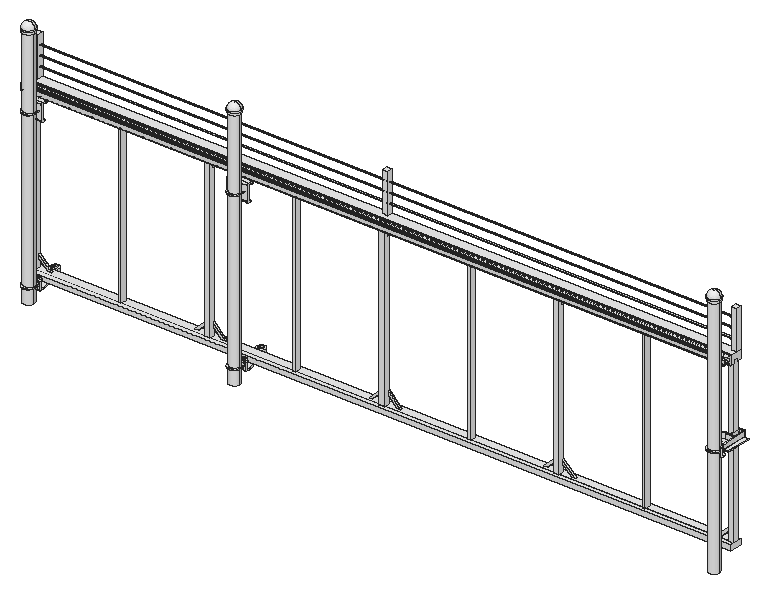
Revit family "Site-Fencing-Tymetal_Corp-Heavy_Duty_Cantilever_Slide_Gate-Chain_Link", category Site, Revit 2015
Parameters (values of type "Standard")
  URL = "http://www.tymetal.com/"
  Single Gate Clearances = if(Clear Opening < 12' 0", 12' 0", if(Clear Opening > 30' 0", 30' 0", Clear Opening))  # 15' - 0"
  Proposed Fence Location [instance] = yes
  Product data url = "https://bimobject.com/tymetal/product/tymetal-fortress-heavy-duty"
  Product Page URL = "http://www.tymetal.com/industrial-commercial/cantilever-gates/fortress-heavy-duty/"
  Product Documentation Link = "http://www.tymetal.com/wp-content/uploads/2013/04/Tymetal-Fortress-Heavy-Duty-Cantilever-Slide-Gate.pdf"
  Post Spacing = (Clear Opening / 2) - 0' 11"  # 6' - 7"
  Panel Height = 0' - 0"
  Options = "Barb Arms are Optional; Barb Wires by Others"  # constant formula
  Inner Post Width = 0' - 2"  # constant formula
  Post Space Distance = (Clear Opening / 2) - 0' 11"  # 6' - 7"
  Post Radius = Post Diameter / 2  # 0' - 2"
  Post Height = if(Barb Arms and Wires, Height + Barb Height + 0' 6", Height + 0' 6")  # 7' - 9"
  Post Diameter = 0' - 4"
  Panel Length = ((Length - (Frame Width * 2) - (Inner Post Width * Inner Post Count)) / Panel Count)  # 5' - 5"
  Panel Count = if(and(Clear Opening > 12' 0", Clear Opening < 17' 0"), 4, if(and(Clear Opening > 18' 0", Clear Opening < 23' 0"), 5, if(and(Clear Opening > 24' 0", Clear Opening < 30' 0"), 6, 6)))  # 4
  Barb Height = 1' - 3"
  Notes = "Single Clear Opening up to 30' and Double Clear Openings up to 60'"  # constant formula
  Mount Clamp Extension from Gate = 0' - 2"
  Model = "Chain Link"  # constant formula
  Manufacturer = "Tymetal Corp."  # constant formula
  Length = Single Gate Clearances * 1.5  # 22' - 6"
  Inner Post Count = Panel Count - 1  # 3
  Height = 6' - 0"
  Hardware Finish = Metal - Tymetal - Aluminum
  Gate Opening (Max) = "37 ft"  # constant formula
  Gate Height Clearances = if(Height < 3' 0", 3' 0", if(Height > 8' 0", 8' 0", Height))  # 6' - 0"
  Gate Documentation Link = "http://www.tymetal.com/wp-content/uploads/2013/05/Tymetal-Fortress-Heavy-Duty-Cantilever-Slide-Gate.pdf"
  Frame Width = 0' - 2"
  Finish Note = "For additional powder coat color options, please contact Tymetal"  # constant formula
  Finish = Metal - Tymetal - Aluminum
  Fence Offset from Grade = 0' - 5"
  Description = "Fortress Heavy Duty Cantilever Slide Gate with Chain Link Fencing"  # constant formula
  Clear Opening = 15' - 0"
  Catch Assembly Height Above Grade = 3' - 6"
  Bottom Guide Cover = no
  Barb Arms and Wires = yes
  Assembly Code = "G2040100"
Reference planes (in)
  plane 1 "Center (Front/Back)": y = 0
  plane 2 "Bottom": z = 0
  plane 3 "Center (Left/Right)": x = 0
  plane 4 "Left": x = -135
  plane 5 "Right": x = 135
  plane 6 "Top": z = 72
  plane 7 "Opening Left": x = -49
  plane 8: x = -53
  plane 9: x = 131
  plane 10: y = 7.875
  plane 11: z = 5
  plane 12: z = 87
  plane 13 "Center (Elevation)": z = 36
  plane 14: x = -130
  plane 15: y = 0
  plane 16: x = -51
  plane 17: x = -51
  plane 18: x = 130.5
  plane 19: x = -130.5
  plane 20: y = 20.375
  plane 21: x = -133
  plane 22: x = 133
  plane 23: z = 65.5625
Forms (in)
  Extrusion 1, solid, material "Metal - Tymetal - Chain Link"
    sketch origin (0, 0, 0) x (0, 1, 0) y (0, 0, 1)
      loop
        line (6.875, 70) -> (6.84375, 70) -> (6.84375, 7) -> (6.875, 7) -> (6.875, 70)
    from -133 to 133
Dimensions and locks (in)
  equal spacing: plane 4 "Left", plane 3 "Center (Left/Right)", plane 5 "Right"
  "Length": plane 4 "Left" to plane 5 "Right"
  "Gate Height Clearances": plane 6 "Top" to plane 2 "Bottom"
  "Post Diameter": plane 8 to plane 7 "Opening Left"
  plane 9 to plane 5 "Right" = 0' - 4"
  locked: plane 1 "Center (Front/Back)" to plane 10 at 7.875
  "Fence Offset from Grade": plane 11 to level
  equal spacing: plane 6 "Top", plane 13 "Center (Elevation)", plane 2 "Bottom"
  "Single Gate Clearances": plane 7 "Opening Left" to plane 9
  group 2 to group 1 = 6' - 7"
  group 2 to group 1 = 0' - 0"
  group 1 to group 2 = 0' - 0"
  "Post Space Distance": nested 4 to nested 1
  locked: plane 11 to nested 5 at 0.375
  "Catch Assembly Height Above Grade": level to nested 7
  equal spacing: plane 8, plane 17, plane 7 "Opening Left"
  locked: plane 18 to plane 5 "Right" at 4.5
  locked: plane 4 "Left" to plane 19 at 4.5
  equal spacing: group 4, group 6, group 5, group 3
  equal spacing: group 3, group 5, group 6, group 4  (x2)
  locked: plane 15 to plane 20 at 20.375
  equal spacing: group 8, group 9, group 7
  equal spacing: group 7, group 9, group 8  (x2)
  "Frame Width": plane 21 to plane 4 "Left"
  "Frame Width": plane 5 "Right" to plane 22
  "Panel Length": plane 22 to nested 15
  "Panel Length": nested 16 to plane 21
  locked: Extrusion 1 sketch curve to Extrusion 1 sketch curve at 0.03125
  locked: plane 15 to nested 14 at 4
  "Barb Height": plane 12 to plane 6 "Top"
  locked: plane 6 "Top" to plane 23 at 6.4375
  aligned and locked: plane 1 "Center (Front/Back)" to nested 2
  aligned and locked: plane 8 to nested 1
  aligned and locked: plane 9 to nested 2
  aligned and locked: plane 4 "Left" to nested 3
  aligned and locked: nested 3 to plane 10
  aligned and locked: nested 4 to plane 1 "Center (Front/Back)"
  aligned and locked: nested 1 to level
  aligned and locked: nested 4 to level
  aligned and locked: nested 2 to level
  aligned and locked: nested 1 to nested 8
  aligned and locked: plane 1 "Center (Front/Back)" to nested 8
  aligned and locked: nested 4 to nested 9
  aligned and locked: plane 1 "Center (Front/Back)" to nested 9
  aligned and locked: plane 1 "Center (Front/Back)" to nested 5
  aligned and locked: nested 4 to nested 6
  aligned and locked: nested 7 to nested 2
  aligned and locked: nested 5 to nested 1
  aligned and locked: plane 14 to nested 4
  aligned and locked: plane 15 to nested 4
  aligned and locked: nested 14 to plane 17
  aligned and locked: plane 21 to nested 11
  aligned and locked: plane 22 to nested 10
  aligned and locked: nested 15 to plane 10
  aligned and locked: nested 16 to plane 10
  aligned and locked: nested 16 to nested 11
  aligned and locked: nested 15 to nested 10
  aligned and locked: nested 3 to Extrusion 1 sketch curve  (x2)
  aligned and locked: Extrusion 1 sketch curve to nested 3
  aligned and locked: Extrusion 1 to plane 21
  aligned and locked: plane 22 to Extrusion 1
  aligned and locked: level to nested 3
  aligned and locked: level to plane 2 "Bottom"
  aligned and locked: plane 23 to nested 6
  aligned and locked: plane 23 to nested 8
Nested families (in)
  nested 1: "Fence - Post" at (-51, 0, 0), type "Fence - Post"
    with Post Height 7' - 9"
  nested 2: "Fence - Post" at (133, 0, 0), type "Fence - Post"
    with Post Height 7' - 9"
  nested 3: "Fence - Frame Chain Link" at (-86, 7.875, 0), type "Fence - Frame Chain Link"
    with Drive Chain-Outside no
  nested 4: "Fence - Post" at (-130, 0, 0), type "Fence - Post"
    with Post Height 7' - 9"
  nested 5: "Fence - Bottom Guide" at (-51, 0, 5.75), type "Fence - Bottom Guide"
    with Guide Cover no
  nested 6: "Fence - Hanger with Track" at (-130, 0, 65.5625), type "Fence - Hanger with Track"
    with Post Attachment Extension 0' - 2"
  nested 7: "Fence - Catch Assembly" at (133, 0, 42), type "Fence - Catch Assembly"
  nested 8: "Fence - Hanger with Track" at (-51, 0, 65.5625), type "Fence - Hanger with Track"
    with Post Attachment Extension 0' - 2"
  nested 9: "Fence - Bottom Guide" at (-130, 0, 5.75), type "Fence - Bottom Guide"
    with Guide Cover no
  nested 10: "Fence - Chain Link Panel" at (104, 8.875, 0), type "Panel"
    with Panel Length 5' - 5"
  nested 11: "Fence - Chain Link Panel" at (-97, 8.875, 0), type "Panel"
    with Panel Length 5' - 5"
  nested 12: "Fence - Chain Link Panel" at (37, 8.875, 0), type "Panel"
    with Panel Length 5' - 5"
  nested 13: "Fence - Chain Link Panel" at (-30, 8.875, 0), type "Panel"
    with Panel Length 5' - 5"
  nested 14: "Fence-Chain_Link" at (-102.5, -4, 0) x (-1, 0, 0) z (0, 0, 1), visible <- "Proposed Fence Location", type "Fence-Chain_Link"
    with Length 6' - 7"
  nested 15: "Fence - 2x2" at (67, 7.875, 0), type "Fence - 2x2"
  nested 16: "Fence - 2x2" at (-67, 7.875, 0), type "Fence - 2x2"
  nested 17: "Fence - 2x2" at (0, 7.875, 0), type "Fence - 2x2"
Definition of nested family "Fence - Post"
  Parameters
    Post Radius = Post Diameter / 2  # 0' - 2"
    Post Material = none
    Post Height = 5' - 11 1/2"
    Post Diameter = 0' - 4"
    Cap Radius = Post Radius + 0' 0 1/4"  # 0' - 2 1/4"
  Reference planes (in)
    plane 1 "Center (Front/Back)": y = 0
    plane 2: z = 0
    plane 3 "Center (Left/Right)": x = 0
    plane 4: z = 75
    plane 5 "Post Right": x = 2
    plane 6 "Post Left": x = -2
    plane 7 "Post Front": y = 2
    plane 8 "Post Back": y = -2
    plane 9: z = 71.5
    plane 10: x = -2.25
    plane 11: x = -2.49863
    plane 12: z = 75
  Forms (in)
    Revolve 1, solid, material <- "Post Material", detail levels coarse
      sketch origin (0, 0, 0) x (1, 0, 0) y (0, 0, 1)
        loop
          line (-2, 0) -> (0, 0) -> (0, 75) -> (-2, 75) -> (-2, 0)
        axis (0, 75) -> (0, 0)
      angle from 0 to 360
    Revolve 2, solid, material <- "Post Material", detail levels medium+fine
      sketch origin (0, 0, 2.5) x (1, 0, 0) y (0, 0, 1)
        loop
          line (-2, -2.5) -> (0, -2.5) -> (0, 72.5)
          arc (0, 72.5) -> (-1.59099, 71.84099) -> (-2.25, 70.25) r 2.25
          line (-2.25, 70.25) -> (-2.49863, 70.25) -> (-2.49863, 70) -> (-2.25, 70) -> (-2.25, 69) -> (-2, 69) -> (-2, -2.5)
        axis (0, 72.5) -> (0, -2.5)
      angle from 0 to 360
  Lines and regions (in)
    Masking region 1
      outline origin (0, 0, 0) x (1, 0, 0) y (0, 1, 0)
        loop
          circle (0, 0) r 2
  Dimensions and locks (in)
    "Post Height": plane 9 to plane 2
    "Post Radius": plane 3 "Center (Left/Right)" to Revolve 1 sketch curve
    equal spacing: plane 6 "Post Left", plane 3 "Center (Left/Right)", plane 5 "Post Right"
    "Post Diameter": plane 6 "Post Left" to plane 5 "Post Right"
    "Post Diameter": plane 8 "Post Back" to plane 7 "Post Front"
    equal spacing: plane 8 "Post Back", plane 1 "Center (Front/Back)", plane 7 "Post Front"
    Revolve 2 sketch curve to Revolve 2 sketch curve to Revolve 2 sketch curve = 0' - 0 1/4" locked, 0' - 1" locked
    plane 11 to plane 10 to plane 6 "Post Left" = 0' - 0.24863" locked, 0' - 0 1/4" locked
    "Post Radius": radius of Masking region 1 sketch curve
    aligned and locked: Revolve 1 sketch curve to plane 3 "Center (Left/Right)"  (x2)
    aligned and locked: Revolve 1 sketch curve to level
    aligned and locked: Revolve 2 sketch curve to plane 3 "Center (Left/Right)"  (x2)
    aligned and locked: Revolve 2 sketch curve to level
    aligned and locked: plane 3 "Center (Left/Right)" to Masking region 1 sketch curve
    aligned and locked: plane 1 "Center (Front/Back)" to Masking region 1 sketch curve
    aligned and locked: plane 9 to Revolve 2
    aligned and locked: plane 9 to Revolve 2 sketch curve
    aligned and locked: plane 6 "Post Left" to Revolve 2 sketch curve
    aligned and locked: Revolve 2 sketch curve to plane 10
    aligned and locked: plane 11 to Revolve 2 sketch curve
    aligned and locked: plane 10 to Revolve 2 sketch curve
    aligned and locked: plane 12 to plane 4
    aligned and locked: plane 12 to Revolve 2 sketch curve
  Automatic sketch dimensions
    Revolve 2 sketch curve to Revolve 2 sketch curve = 2' - 0 1/2"
    plane 4 to Revolve 2 sketch curve = 3' - 9.60702"
    Revolve 1 sketch curve to plane 4 = 0' - 0"
    Revolve 1 sketch curve to Revolve 1 sketch curve = 2' - 0"
    Revolve 1 sketch curve to Revolve 1 sketch curve = 3' - 10.10599"
Definition of nested family "Fence - Frame Chain Link"
  Parameters
    Tube Ends Width = 0' - 2"
    Track Outside = no
    Primary Member Width = 0' - 5"
    Frame Height = 6' - 0"
    Frame Width = 0' - 2"
    Frame Material = none
    Frame Length = 22' - 6"
    Frame Height Above Grade = 0' - 5"
    Drive Chain-Outside = yes
    Drive Chain-Inside = no
    Drive Chain Location = 0' - 0"
    Drive Chain Height = 1' - 6"
    Barb Posts = Frame Length / 8' 7 249/256"  # 3
    Barb Arms and Wires = yes
    Barb Arm Height = 1' - 3"
  Reference planes (in)
    plane 1 "Center (Front/Back)": y = 0
    plane 2: z = 0
    plane 3 "Center (Left/Right)": x = 86
    plane 4: x = -49
    plane 5: x = 221
    plane 6: y = -1
    plane 7: y = 1
    plane 8: z = 72
    plane 9: z = 5
    plane 10: y = 2.5
    plane 11: y = -2.5
    plane 12: z = 23
    plane 13: x = -47
    plane 14: y = 2.5
    plane 15: y = 0.5
    plane 16: y = -2.5
    plane 17: y = -0.5
    plane 18: z = 87
    plane 19: z = 75.75
    plane 20: z = 79.5
    plane 21: z = 83.25
    plane 22: x = -48
    plane 23: x = 220
    plane 24: x = 219
    plane 25: y = 1.5
    plane 26: y = 1
    plane 27: y = -1
    plane 28: z = 70
    plane 29: y = 1
    plane 30: y = -1
  Forms (in)
    Extrusion 1, solid, material <- "Frame Material", detail levels coarse
      sketch origin (86, 0, 0) x (0, 1, 0) y (0, 0, 1)
        loop
          line (2.5, 72) -> (-2.5, 72) -> (-2.5, 70) -> (2.5, 70) -> (2.5, 72)
        loop
          line (2.5, 7) -> (-2.5, 7) -> (-2.5, 5) -> (2.5, 5) -> (2.5, 7)
      from -135 to 135
    Sweep 2, solid, material <- "Frame Material", visible <- "Drive Chain-Outside", detail levels medium+fine
      path origin (0, 0, 0) x (1, 0, 0) y (0, 1, 0)
        loop
          line (-48, 1) -> (-48, 1.375)
          arc (-48, 1.375) -> (-47.42818, 2.75551) -> (-46.04767, 3.32733) r 1.95233
          line (-46.04767, 3.32733) -> (218.04767, 3.32733)
          arc (218.04767, 3.32733) -> (219.42818, 2.75551) -> (220, 1.375) r 1.95233
          line (220, 1.375) -> (220, 1)
      profile origin (86, 3.32733, 0) x (0, 1, 0) y (0, 0, 1)
        loop
          line (0, 23) -> (-0.125, 23) -> (-0.125, 22.93085) -> (0, 22.93085) -> (0, 23)
    Extrusion 3, solid, material <- "Frame Material", visible <- "Barb Arms and Wires", detail levels medium+fine
      sketch origin (86, 0, 0) x (0, 1, 0) y (0, 0, 1)
        loop
          circle (1.5, 83.25) r 0.25
        loop
          circle (1.5, 79.5) r 0.25
        loop
          circle (1.5, 75.75) r 0.25
      from -133 to 133
    Extrusion 4, solid, material <- "Frame Material", detail levels medium+fine
      sketch origin (86, 0, 0) x (0, 1, 0) y (0, 0, 1)
        loop
          line (2.5, 72) -> (-2.5, 72) -> (-2.5, 70.156) -> (-2.375, 70.156) -> (-2.375, 69.718) -> (-2.5, 69.718) -> (-2.5, 68.8125) -> (-1, 68.8125) -> (-1, 70) -> (1, 70) -> (1, 68.8125) -> (2.5, 68.8125) -> (2.5, 69.718) -> (2.375, 69.718) -> (2.375, 70.156) -> (2.5, 70.156) -> (2.5, 72)
        loop
          line (2.5, 7) -> (-2.5, 7) -> (-2.5, 5) -> (2.5, 5) -> (2.5, 7)
      from -135 to 135
    Extrusion 5, solid, material <- "Frame Material"
      sketch origin (0, 0, 0) x (1, 0, 0) y (0, 1, 0)
        loop
          line (-49, 1) -> (-49, -1) -> (-47, -1) -> (-47, 1) -> (-49, 1)
        loop
          line (221, 1) -> (219, 1) -> (219, -1) -> (221, -1) -> (221, 1)
      from 7 to 70
    Sweep 6, solid, material <- "Frame Material", visible <- "Drive Chain-Inside", detail levels medium+fine
      path origin (0, 13.5289, 23) x (0, 1, 0) y (-1, 0, 0)
        loop
          line (-14.5289, 48) -> (-14.9039, 48)
          arc (-14.9039, 48) -> (-16.28441, 47.42818) -> (-16.85623, 46.04767) r 1.95233
          line (-16.85623, 46.04767) -> (-16.85623, -218.04767)
          arc (-16.85623, -218.04767) -> (-16.28441, -219.42818) -> (-14.9039, -220) r 1.95233
          line (-14.9039, -220) -> (-14.5289, -220)
      profile origin (86, -3.32733, 23) x (0, 1, 0) y (0, 0, 1)
        loop
          line (0, 0.06915) -> (0, 0) -> (0.125, 0) -> (0.125, 0.06915) -> (0, 0.06915)
  Lines and regions (in)
    Masking region 1
      outline origin (0, 0, 0) x (1, 0, 0) y (0, 1, 0)
        loop
          line (-49, 2.5) -> (-49, -2.5) -> (221, -2.5) -> (221, 2.5) -> (-49, 2.5)
    model lines, visible <- "Barb Arms and Wires", detail levels coarse
      curve 1: line (-48, 1.5, 83.25) -> (220, 1.5, 83.25)
      curve 2: line (-48, 1.5, 79.5) -> (220, 1.5, 79.5)
      curve 3: line (-48, 1.5, 75.75) -> (220, 1.5, 75.75)
  Dimensions and locks (in)
    equal spacing: plane 4, plane 3 "Center (Left/Right)", plane 5
    "Frame Length": plane 4 to plane 5
    equal spacing: plane 7, plane 1 "Center (Front/Back)", plane 6
    "Tube Ends Width": plane 7 to plane 6
    "Frame Height Above Grade": plane 9 to level
    equal spacing: plane 11, plane 1 "Center (Front/Back)", plane 10
    "Primary Member Width": plane 11 to plane 10
    "Drive Chain Height": plane 12 to plane 9
    locked: plane 4 to plane 13 at 2
    plane 10 to plane 14 to plane 15 = 0' - 0" locked, 0' - 2" locked
    plane 17 to plane 16 to plane 11 = 0' - 2", 0' - 0"
    locked: plane 12 to Sweep 2 sketch curve at 0.06915
    locked: profile plane to Sweep 2 sketch curve at 0.125
    "Frame Height": plane 8 to level
    "Barb Arm Height": plane 18 to plane 8
    equal spacing: plane 18, plane 21, plane 20, plane 19, plane 8
    locked: plane 4 to plane 22 at 1
    locked: plane 5 to plane 23 at 1
    locked: plane 5 to plane 24 at 2
    equal spacing: group 1, group 3, group 2  (x3)
    Extrusion 3 sketch curve to plane 21 to Extrusion 3 sketch curve = 0' - 0 1/4" locked, 0' - 0 1/4" locked
    Extrusion 3 sketch curve to plane 20 to Extrusion 3 sketch curve = 0' - 0 1/4" locked, 0' - 0 1/4" locked
    Extrusion 3 sketch curve to plane 19 to Extrusion 3 sketch curve = 0' - 0 1/4" locked, 0' - 0 1/4" locked
    Extrusion 3 sketch curve to Extrusion 3 sketch curve to Extrusion 3 sketch curve to plane 25 = 0' - 0" locked, 0' - 0" locked, 0' - 0 1/4" locked
    locked: plane 25 to plane 14 at 1
    equal spacing: plane 26, plane 1 "Center (Front/Back)", plane 27
    "Tube Ends Width": plane 26 to plane 27
    "Frame Width": plane 8 to plane 28
    locked: plane 8 to Extrusion 4 sketch curve at 3.1875
    "Frame Width": Extrusion 1 sketch curve to plane 8
    locked: Sweep 6 sketch curve to profile plane at 0.06915
    locked: Sweep 6 sketch curve to profile plane at 0.125
    "Drive Chain Location": plane 29 to plane 7
    Sweep 6 sketch curve to Sweep 6 sketch curve to Sweep 6 sketch curve = 0' - 1.95233" locked, 0' - 0" locked
    locked: Sweep 6 sketch curve to Sweep 6 sketch curve at 1.95233  (x2)
    Sweep 2 sketch curve to Sweep 2 sketch curve to Sweep 2 sketch curve = 0' - 1.95233" locked, 0' - 0" locked
    locked: Sweep 2 sketch curve to Sweep 2 sketch curve at 1.95233  (x2)
    "Drive Chain Location": plane 6 to plane 30
    aligned and locked: plane 5 to Extrusion 1
    aligned and locked: Extrusion 1 to plane 4
    aligned and locked: plane 4 to nested 1
    aligned and locked: plane 5 to nested 1
    aligned and locked: plane 8 to nested 1
    aligned and locked: plane 10 to nested 1
    aligned and locked: nested 2 to plane 8
    aligned and locked: plane 11 to nested 2
    aligned and locked: nested 2 to plane 4
    aligned and locked: nested 2 to plane 5
    aligned and locked: Sweep 2 sketch curve to plane 12
    aligned and locked: nested 3 to plane 22
    aligned and locked: plane 23 to nested 4
    aligned and locked: nested 4 to plane 25
    aligned and locked: nested 3 to plane 8
    aligned and locked: plane 8 to nested 4
    aligned and locked: nested 3 to plane 25
    aligned and locked: curve 1 to plane 21
    aligned and locked: curve 2 to plane 20
    aligned and locked: curve 3 to plane 19
    aligned and locked: plane 22 to curve 1
    aligned and locked: plane 22 to curve 2
    aligned and locked: plane 22 to curve 3
    aligned and locked: plane 23 to curve 1
    aligned and locked: plane 23 to curve 2
    aligned and locked: plane 23 to curve 3
    aligned and locked: plane 11 to Extrusion 1
    aligned and locked: Extrusion 1 sketch curve to plane 14
    aligned and locked: plane 16 to Extrusion 1 sketch curve
    aligned and locked: plane 14 to Extrusion 4 sketch curve
    aligned and locked: plane 16 to Extrusion 4 sketch curve
    aligned and locked: plane 8 to Extrusion 4 sketch curve
    aligned and locked: Extrusion 4 sketch curve to plane 26
    aligned and locked: Extrusion 4 sketch curve to plane 27
    aligned and locked: plane 28 to Extrusion 4 sketch curve
    aligned and locked: Extrusion 4 sketch curve to nested 1  (x3)
    aligned and locked: Extrusion 4 sketch curve to nested 2  (x3)
    aligned and locked: Extrusion 4 sketch curve to Extrusion 4 sketch curve
    aligned and locked: Extrusion 4 sketch curve to plane 14
    aligned and locked: Extrusion 4 sketch curve to plane 16
    aligned and locked: Extrusion 4 sketch curve to Extrusion 1  (x3)
    aligned and locked: plane 5 to Extrusion 4
    aligned and locked: Extrusion 4 to plane 4
    aligned and locked: Extrusion 5 sketch curve to Extrusion 4  (x2)
    aligned and locked: plane 4 to Extrusion 5 sketch curve
    aligned and locked: plane 6 to Extrusion 5 sketch curve
    aligned and locked: Extrusion 5 sketch curve to plane 13
    aligned and locked: plane 5 to Extrusion 5 sketch curve
    aligned and locked: Extrusion 5 sketch curve to plane 6
    aligned and locked: Extrusion 5 sketch curve to plane 24
    aligned and locked: Extrusion 5 to Extrusion 4
    aligned and locked: Sweep 6 sketch curve to profile plane
    aligned and locked: profile plane to Sweep 6 sketch curve
    aligned and locked: plane 30 to Sweep 6 sketch curve  (x2)
    aligned and locked: plane 29 to Sweep 2 sketch curve  (x2)
  Automatic sketch dimensions
    Sweep 6 sketch curve to plane 23 = 0' - 0"
    Sweep 6 sketch curve to plane 22 = 0' - 0"
    plane 30 to Sweep 6 sketch curve = 0' - 0 3/8"
    Masking region 1 sketch curve to plane 4 = 0' - 0"
    Masking region 1 sketch curve to plane 5 = 0' - 0"
    plane 11 to Masking region 1 sketch curve = 0' - 0"
    plane 10 to Masking region 1 sketch curve = 0' - 0"
    Sweep 2 sketch curve to plane 22 = 0' - 0"
    Sweep 2 sketch curve to plane 23 = 0' - 0"
    Sweep 2 sketch curve to plane 29 = 0' - 0 3/8"
    Sweep 2 sketch curve to profile plane = 0' - 0"
    Extrusion 1 sketch curve to plane 11 = 0' - 0"
    Extrusion 1 sketch curve to plane 9 = 0' - 0"
    Extrusion 1 sketch curve to plane 10 = 0' - 0"
    Extrusion 1 sketch curve to plane 8 = 0' - 0"
    plane 9 to Extrusion 1 sketch curve = 0' - 2"
    Extrusion 4 sketch curve to plane 10 = 0' - 0"
  Nested families (in)
    nested 1: "Fence - Track" at (86, 3.625, 72), visible <- "Track Outside", type "Fence - Track"
      with Length 22' - 6"
    nested 2: "Fence - Track" at (86, -3.625, 72), type "Fence - Track"
      with Length 22' - 6"
    nested 3: "Fence - Barb Post" at (-48, 1.5, 72), visible <- "Barb Arms and Wires", type "Fence - Barb Post"
      with Barb Height 1' - 3"
    nested 4: "Fence - Barb Post" at (220, 1.5, 72), visible <- "Barb Arms and Wires", type "Fence - Barb Post"
      with Barb Height 1' - 3"
    nested 5: "Fence - Barb Post" at (86, 1.5, 72), visible <- "Barb Arms and Wires", type "Fence - Barb Post"
      with Barb Height 1' - 3"
  Definition of nested family "Fence - Track"
    Parameters
      Track Material = none
      Length [instance] = 2' - 0"
    Reference planes (in)
      plane 1 "Center (Front/Back)": y = 0
      plane 2: z = 0
      plane 3 "Center (Left/Right)": x = 0
      plane 4: z = -3
      plane 5: y = -1.875
      plane 6: y = 1.875
      plane 7: z = 0.3125
      plane 8: z = -1.34375
      plane 9: y = -1.125
      plane 10: z = -1.75
      plane 11: y = 0.375
      plane 12: x = -12
      plane 13: x = 12
    Forms (in)
      Extrusion 1, solid, material <- "Track Material", detail levels coarse
        sketch origin (0, 0, 0) x (0, 1, 0) y (0, 0, 1)
          loop
            line (1.875, 0.3125) -> (-1.875, 0.3125) -> (-1.875, 0) -> (-1.125, 0) -> (-1.125, -3) -> (-0.937, -3) -> (-0.937, -2) -> (-0.3125, -2) -> (-0.3125, -1.75) -> (-0.937, -1.75) -> (-0.937, -0.094) -> (1.563, -0.094) -> (1.563, -1.75) -> (0.9375, -1.75) -> (0.9375, -2) -> (1.875, -2) -> (1.875, 0.3125)
        from -12 to 12
      Extrusion 2, solid, material <- "Track Material", detail levels medium+fine
        sketch origin (0, 0, 0) x (0, 1, 0) y (0, 0, 1)
          loop
            arc (1.875, 0.062) -> (1.83839, 0.15039) -> (1.75, 0.187) r 0.125
            line (1.75, 0.187) -> (1.10832, 0.187) -> (1.03615, 0.312) -> (-1.0272, 0.312) -> (-1.063, 0.25) -> (-1.687, 0.25)
            arc (-1.687, 0.25) -> (-1.81994, 0.19494) -> (-1.875, 0.062) r 0.188
            line (-1.875, 0.062) -> (-1.875, 0) -> (-1.125, 0) -> (-1.125, -0.25) -> (-1.063, -0.312) -> (-1.063, -0.813) -> (-1.125, -0.875) -> (-1.125, -1) -> (-1.063, -1.062) -> (-1.063, -1.438) -> (-1.125, -1.5) -> (-1.125, -1.844) -> (-1.25, -1.844) -> (-1.25, -2.282) -> (-1.125, -2.282) -> (-1.125, -3) -> (-1.062, -3)
            arc (-1.062, -3) -> (-0.97361, -2.96339) -> (-0.937, -2.875) r 0.125
            line (-0.937, -2.875) -> (-0.937, -2.34871)
            arc (-0.937, -2.34871) -> (-0.89692, -2.21293) -> (-0.78952, -2.12069) r 0.25
            line (-0.78952, -2.12069) -> (-0.312, -1.906) -> (-0.312, -1.781) -> (-0.875, -1.781)
            arc (-0.875, -1.781) -> (-0.91884, -1.76284) -> (-0.937, -1.719) r 0.062
            line (-0.937, -1.719) -> (-0.937, -0.156)
            arc (-0.937, -0.156) -> (-0.91884, -0.11216) -> (-0.875, -0.094) r 0.062
            line (-0.875, -0.094) -> (-0.312, -0.094) -> (-0.22193, 0.062) -> (0.84793, 0.062) -> (0.938, -0.094) -> (1.501, -0.094)
            arc (1.501, -0.094) -> (1.54484, -0.11216) -> (1.563, -0.156) r 0.062
            line (1.563, -0.156) -> (1.563, -1.719)
            arc (1.563, -1.719) -> (1.54484, -1.76284) -> (1.501, -1.781) r 0.062
            line (1.501, -1.781) -> (0.938, -1.781) -> (0.938, -1.906) -> (1.313, -2) -> (1.625, -2)
            arc (1.625, -2) -> (1.7098, -1.96684) -> (1.7496, -1.88494) r 0.125
            line (1.7496, -1.88494) -> (1.875, -0.313) -> (1.875, 0.062)
        from -12 to 12
    Lines and regions (in)
      Masking region 1
        outline origin (0, 0, 0) x (1, 0, 0) y (0, 1, 0)
          loop
            line (-12, 1.875) -> (-12, -1.875) -> (12, -1.875) -> (12, 1.875) -> (-12, 1.875)
    Dimensions and locks (in)
      equal spacing: plane 6, plane 1 "Center (Front/Back)", plane 5
      locked: plane 6 to plane 5 at 3.75
      equal spacing: plane 7, plane 8, plane 4
      locked: plane 7 to plane 4 at 3.3125
      locked: plane 7 to level at 0.3125
      locked: plane 9 to plane 5 at 0.75
      locked: plane 10 to plane 4 at 1.25
      equal spacing: plane 6, plane 11, plane 9
      equal spacing: plane 12, plane 3 "Center (Left/Right)", plane 13
      "Length": plane 12 to plane 13
      aligned and locked: plane 6 to Extrusion 1 sketch curve
      aligned and locked: plane 7 to Extrusion 1 sketch curve
      aligned and locked: plane 5 to Extrusion 1 sketch curve
      aligned and locked: level to Extrusion 1 sketch curve
      aligned and locked: plane 9 to Extrusion 1 sketch curve
      aligned and locked: plane 4 to Extrusion 1 sketch curve
      aligned and locked: plane 10 to Extrusion 1 sketch curve
      aligned and locked: plane 13 to Extrusion 2
      aligned and locked: Extrusion 2 to plane 12
      aligned and locked: Extrusion 1 to Extrusion 2  (x2)
      aligned and locked: Masking region 1 sketch curve to Extrusion 1  (x4)
    Automatic sketch dimensions
      Extrusion 1 sketch curve to plane 10 = 0' - 0"
      Extrusion 1 sketch curve to plane 9 = 0' - 0.188"  (x2)
      plane 1 "Center (Front/Back)" to Extrusion 1 sketch curve = 0' - 0 5/16"
      Extrusion 1 sketch curve to plane 11 = 0' - 0 9/16"
      plane 6 to Extrusion 1 sketch curve = 0' - 0.312"
      Extrusion 1 sketch curve to Extrusion 1 sketch curve = 0' - 0 1/4"
      Extrusion 2 sketch curve to level = 0' - 0"
      Extrusion 2 sketch curve to plane 5 = 0' - 0"
      Extrusion 2 sketch curve to plane 9 = 0' - 0"  (x4)
      Extrusion 2 sketch curve to plane 4 = 0' - 0"
      Extrusion 2 sketch curve to plane 6 = 0' - 0"
      level to Extrusion 2 sketch curve = 0' - 0.062"  (x3)
      Extrusion 2 sketch curve to plane 5 = 0' - 0.188"
      Extrusion 2 sketch curve to Extrusion 2 sketch curve = 0' - 0 1/8"  (x3)
      Extrusion 2 sketch curve to plane 9 = 0' - 0.062"  (x3)
      Extrusion 2 sketch curve to plane 9 = 0' - 0.063"
      Extrusion 2 sketch curve to plane 7 = 0' - 0.0005"
      Extrusion 2 sketch curve to Extrusion 2 sketch curve = 0' - 0.0358"
      Extrusion 2 sketch curve to plane 9 = 0' - 0.188"  (x2)
      Extrusion 2 sketch curve to Extrusion 2 sketch curve = 0' - 0.062"  (x7)
      Extrusion 2 sketch curve to Extrusion 2 sketch curve = 0' - 0.14748"
      Extrusion 2 sketch curve to Extrusion 2 sketch curve = 0' - 0 1/4"
      plane 1 "Center (Front/Back)" to Extrusion 2 sketch curve = 0' - 0.312"  (x2)
      Extrusion 2 sketch curve to level = 0' - 0.094"  (x2)
      Extrusion 2 sketch curve to Extrusion 2 sketch curve = 0' - 0.09007"  (x2)
      Extrusion 2 sketch curve to plane 1 "Center (Front/Back)" = 0' - 0.84793"
      Extrusion 2 sketch curve to plane 8 = 0' - 0.43725"
      plane 6 to Extrusion 2 sketch curve = 0' - 0.937"
      Extrusion 2 sketch curve to Extrusion 2 sketch curve = 0' - 0.18822"
      Extrusion 2 sketch curve to Extrusion 2 sketch curve = 0' - 0.07217"
      Extrusion 2 sketch curve to Extrusion 2 sketch curve = 0' - 0 3/8"
      Extrusion 2 sketch curve to level = 0' - 0.156"
      plane 6 to Extrusion 2 sketch curve = 0' - 0.374"
      plane 6 to Extrusion 2 sketch curve = 0' - 0 1/4"
      Extrusion 2 sketch curve to Extrusion 2 sketch curve = 0' - 0.1246"
      plane 6 to Extrusion 2 sketch curve = 0' - 0 1/8"
      Extrusion 2 sketch curve to Extrusion 2 sketch curve = 0' - 0.52629"
      Extrusion 2 sketch curve to Extrusion 2 sketch curve = 0' - 0.06671"
      Extrusion 2 sketch curve to Extrusion 2 sketch curve = 0' - 0.219"
      Extrusion 2 sketch curve to Extrusion 2 sketch curve = 0' - 0.21469"
      Extrusion 2 sketch curve to Extrusion 2 sketch curve = 0' - 0.11506"
      Extrusion 2 sketch curve to Extrusion 2 sketch curve = 0' - 0.27669"
      Extrusion 2 sketch curve to Extrusion 2 sketch curve = 0' - 0.063"
      Extrusion 2 sketch curve to plane 8 = 0' - 0 5/32"
      plane 8 to Extrusion 2 sketch curve = 0' - 0.28175"
      Extrusion 2 sketch curve to level = 0' - 0.313"
      Extrusion 2 sketch curve to Extrusion 2 sketch curve = 0' - 0.156"
      Extrusion 1 sketch curve to level = 0' - 0.094"
      Extrusion 1 sketch curve to plane 10 = 0' - 0 1/4"
  Definition of nested family "Fence - Barb Post"
    Parameters
      Finish = none
      Barb Height = 1' - 2.1147"
    Reference planes (in)
      plane 1 "Center (Front/Back)": y = 0
      plane 2: z = 0
      plane 3 "Center (Left/Right)": x = 0
      plane 4: z = 14.1147
    Forms (in)
      Extrusion 1, solid, material <- "Finish"
        sketch origin (0, 0, 0) x (1, 0, 0) y (0, 1, 0)
          loop
            line (-1, 1) -> (-1, -1) -> (1, -1) -> (1, 1) -> (-1, 1)
        from 0 to 14.1147
    Lines and regions (in)
      Masking region 1
        outline origin (0, 0, 0) x (1, 0, 0) y (0, 1, 0)
          loop
            line (1, 1) -> (-1, 1) -> (-1, -1) -> (1, -1) -> (1, 1)
    Dimensions and locks (in)
      Extrusion 1 sketch curve to plane 1 "Center (Front/Back)" to Extrusion 1 sketch curve = 0' - 1" locked, 0' - 1" locked
      Extrusion 1 sketch curve to plane 3 "Center (Left/Right)" to Extrusion 1 sketch curve = 0' - 1" locked, 0' - 1" locked
      "Barb Height": plane 4 to level
      aligned and locked: Masking region 1 sketch curve to Extrusion 1  (x4)
      aligned and locked: plane 4 to Extrusion 1
      aligned and locked: Extrusion 1 to level
Definition of nested family "Fence - Bottom Guide"
  Parameters
    Post Radius = Post Diameter / 2  # 0' - 2"
    Post Diameter = 0' - 4"
    Post Attachment Extension = 0' - 2"
    Outside Guide Location = 0' - 10 3/4"
    OG Calculation = if(Outside Guide Location < 0' 6 15/16", 0' 6 15/16", if(Outside Guide Location > 0' 10 3/4", 0' 10 3/4", Outside Guide Location))  # 0' - 10 3/4"
    Inside Guide Location = 0' - 1 11/16"
    IG Calculation = if(Inside Guide Location < 0' 1 11/16", 0' 1 11/16", if(Inside Guide Location > 0' 3 1/4", 0' 3 1/4", Inside Guide Location))  # 0' - 1 11/16"
    Guide Cover = yes
    Bottom Guide Material = none
  Reference planes (in)
    plane 1 "Center (Front/Back)": y = 0
    plane 2: z = 0
    plane 3 "Center (Left/Right)": x = 0
    plane 4: z = 1.5
    plane 5: z = -1.5
  Dimensions and locks (in)
    equal spacing: plane 4, level, plane 5
    plane 4 to plane 5 = 0' - 3"
    "Post Radius": plane 1 "Center (Front/Back)" to nested 1
    "IG Calculation": nested 3 to nested 1
    "OG Calculation": nested 1 to nested 2
    aligned and locked: plane 1 "Center (Front/Back)" to nested 4
    aligned and locked: plane 3 "Center (Left/Right)" to nested 4
    aligned and locked: plane 3 "Center (Left/Right)" to nested 2
    aligned and locked: nested 3 to plane 3 "Center (Left/Right)"
    aligned and locked: plane 3 "Center (Left/Right)" to nested 1
    aligned and locked: level to nested 4
    aligned and locked: level to nested 1
    aligned and locked: level to nested 3
    aligned and locked: level to nested 2
  Nested families (in)
    nested 1: "Fence - Guide Plate" at (0, 2, 0), type "Fence - Guide Plate"
    nested 2: "Fence - Bottom Wheel" at (0, 12.75, 0), type "Fence - Bottom Wheel"
    nested 3: "Fence - Bottom Wheel" at (0, 3.6875, 0) x (-1, 0, 0) z (0, 0, 1), type "Fence - Bottom Wheel"
    nested 4: "Fence - Post Bracket" at (0, 0, 0), type "Fence - Post Bracket"
      with Extension Length 0' - 2"
  Definition of nested family "Fence - Guide Plate"
    Parameters
      Bottom Guide Material = none
    Reference planes (in)
      plane 1 "Center (Front/Back)": y = 0
      plane 2: z = 0
      plane 3 "Center (Left/Right)": x = 0
      plane 4: z = 1.5
      plane 5: z = -1.5
    Forms (in)
      Extrusion 1, solid, material <- "Bottom Guide Material"
        sketch origin (0, -2.23749, 0) x (1, 0, 0) y (0, 1, 0)
          loop
            arc (-2.75, 2.9843) -> (-3.10355, 2.83785) -> (-3.25, 2.4843) r 0.5
            line (-3.25, 2.4843) -> (-3.25, 1.98847) -> (-1.1875, 1.98847)
            arc (-1.1875, 1.98847) -> (-1.11954, 2.15933) -> (-0.95309, 2.23749) r 0.25
            line (-0.95309, 2.23749) -> (0.95309, 2.23749)
            arc (0.95309, 2.23749) -> (1.11954, 2.15933) -> (1.1875, 1.98847) r 0.25
            line (1.1875, 1.98847) -> (3.25, 1.98847) -> (3.25, 2.4843)
            arc (3.25, 2.4843) -> (3.10355, 2.83785) -> (2.75, 2.9843) r 0.5
            line (2.75, 2.9843) -> (-2.75, 2.9843)
        from 1.125 to 1.5
      Extrusion 2, solid, material <- "Bottom Guide Material"
        sketch origin (0, -2.23749, 0) x (0, 1, 0) y (0, 0, 1)
          loop
            line (1.61249, 1.12403) -> (1.61249, -1.12403)
            arc (1.61249, -1.12403) -> (1.72261, -1.38988) -> (1.98847, -1.5) r 0.37597
            line (1.98847, -1.5) -> (1.98847, 1.5)
            arc (1.98847, 1.5) -> (1.72261, 1.38988) -> (1.61249, 1.12403) r 0.37597
        from -3.25 to -1.1875
      Extrusion 3, solid, material <- "Bottom Guide Material"
        sketch origin (0, -2.23749, 0) x (0, 1, 0) y (0, 0, -1)
          loop
            arc (1.61249, -1.12403) -> (1.72261, -1.38988) -> (1.98847, -1.5) r 0.37597
            line (1.98847, -1.5) -> (1.98847, 1.5)
            arc (1.98847, 1.5) -> (1.72261, 1.38988) -> (1.61249, 1.12403) r 0.37597
            line (1.61249, 1.12403) -> (1.61249, -1.12403)
        from -3.25 to -1.1875
      Extrusion 4, solid, material <- "Bottom Guide Material"
        sketch origin (0, -2.23771, 0) x (1, 0, 0) y (0, 1, 0)
          loop
            arc (-3.21923, 3.35865) -> (-3.24228, 3.23653) -> (-3.25, 3.11249) r 1
            line (-3.25, 3.11249) -> (-3.25, 1.98847) -> (-1.1875, 1.98847)
            arc (-1.1875, 1.98847) -> (-1.11961, 2.15948) -> (-0.95307, 2.23771) r 0.25
            line (-0.95307, 2.23771) -> (0.95307, 2.23771)
            arc (0.95307, 2.23771) -> (1.11961, 2.15948) -> (1.1875, 1.98847) r 0.25
            line (1.1875, 1.98847) -> (3.25, 1.98847) -> (3.25, 3.11259)
            arc (3.25, 3.11259) -> (3.2427, 3.2332) -> (3.22091, 3.35205) r 1
            line (3.22091, 3.35205) -> (0.72686, 13.17235)
            arc (0.72686, 13.17235) -> (-0.00013, 13.73749) -> (-0.72692, 13.17211) r 0.75
            line (-0.72692, 13.17211) -> (-3.21923, 3.35865)
        from -1.5 to -1.125
    Lines and regions (in)
      Masking region 1
        outline origin (0, -0.23749, 0) x (1, 0, 0) y (0, 1, 0)
          loop
            arc (0.72686, 11.17235) -> (-0.00013, 11.73749) -> (-0.72692, 11.17211) r 0.75
            line (-0.72692, 11.17211) -> (-3.21923, 1.35865)
            arc (-3.21923, 1.35865) -> (-3.24228, 1.23653) -> (-3.25, 1.11249) r 1
            line (-3.25, 1.11249) -> (-3.25, -0.38751) -> (-1.1875, -0.38751) -> (-1.1875, -0.01202)
            arc (-1.1875, -0.01202) -> (-1.11971, 0.15916) -> (-0.95309, 0.23749) r 0.25
            line (-0.95309, 0.23749) -> (0.95309, 0.23749)
            arc (0.95309, 0.23749) -> (1.11971, 0.15916) -> (1.1875, -0.01202) r 0.25
            line (1.1875, -0.01202) -> (1.1875, -0.38751) -> (3.25, -0.38751) -> (3.25, 1.11253)
            arc (3.25, 1.11253) -> (3.2427, 1.23316) -> (3.2209, 1.35202) r 1.00001
            line (3.2209, 1.35202) -> (0.72686, 11.17235)
      Masking region 2, detail levels medium+fine
        outline origin (0, -0.23749, 0) x (1, 0, 0) y (0, 1, 0)
          loop
            arc (-2.75, 0.9843) -> (-3.10355, 0.83785) -> (-3.25, 0.4843) r 0.5
            line (-3.25, 0.4843) -> (-3.25, -0.01153) -> (-1.1875, -0.01153)
            arc (-1.1875, -0.01153) -> (-1.11954, 0.15933) -> (-0.95309, 0.23749) r 0.25
            line (-0.95309, 0.23749) -> (0.95309, 0.23749)
            arc (0.95309, 0.23749) -> (1.11954, 0.15933) -> (1.1875, -0.01153) r 0.25
            line (1.1875, -0.01153) -> (3.25, -0.01153) -> (3.25, 0.4843)
            arc (3.25, 0.4843) -> (3.10355, 0.83785) -> (2.75, 0.9843) r 0.5
            line (2.75, 0.9843) -> (-2.75, 0.9843)
    Dimensions and locks (in)
      equal spacing: plane 4, level, plane 5
      plane 4 to plane 5 = 0' - 3"
      locked: Extrusion 1 to Extrusion 1 at 0.375
      locked: Extrusion 2 sketch curve to Extrusion 2 sketch curve at 0.37597
      locked: Extrusion 3 sketch curve to Extrusion 3 sketch curve at 0.37597
      locked: Extrusion 4 to Extrusion 4 at 0.375
    Automatic sketch dimensions
      plane 1 "Center (Front/Back)" to Extrusion 1 sketch curve = 0' - 0"
      plane 1 "Center (Front/Back)" to Extrusion 1 sketch curve = 0' - 0.24903"  (x2)
      Extrusion 1 sketch curve to plane 3 "Center (Left/Right)" = 0' - 3 1/4"
      Extrusion 1 sketch curve to plane 1 "Center (Front/Back)" = 0' - 0.2468"  (x2)
      Extrusion 1 sketch curve to Extrusion 1 sketch curve = 0' - 0 1/2"
      Extrusion 1 sketch curve to plane 3 "Center (Left/Right)" = 0' - 1 3/16"
      Extrusion 1 sketch curve to Extrusion 1 sketch curve = 0' - 0.2344"
      plane 1 "Center (Front/Back)" to Extrusion 1 sketch curve = 0' - 0.24951"  (x2)
      plane 3 "Center (Left/Right)" to Extrusion 1 sketch curve = 0' - 0 15/16"
      Extrusion 1 sketch curve to Extrusion 1 sketch curve = 0' - 0.0156"
      Extrusion 1 sketch curve to Extrusion 1 sketch curve = 0' - 1 9/16"
      Extrusion 2 sketch curve to plane 5 = 0' - 0"
      Extrusion 2 sketch curve to plane 4 = 0' - 0"
      plane 1 "Center (Front/Back)" to Extrusion 2 sketch curve = 0' - 0 5/8"
      plane 1 "Center (Front/Back)" to Masking region 1 sketch curve = 0' - 0"
      plane 1 "Center (Front/Back)" to Masking region 1 sketch curve = 0' - 0 5/8"  (x2)
      Masking region 1 sketch curve to plane 3 "Center (Left/Right)" = 0' - 3 1/4"
      Masking region 1 sketch curve to Masking region 1 sketch curve = 0' - 1"
      Masking region 1 sketch curve to plane 3 "Center (Left/Right)" = 0' - 1 3/16"
      Masking region 1 sketch curve to Masking region 1 sketch curve = 0' - 0.23441"
      Masking region 1 sketch curve to Masking region 1 sketch curve = 0' - 0.0156"  (x2)
      Masking region 1 sketch curve to plane 3 "Center (Left/Right)" = 0' - 0.72692"
      plane 3 "Center (Left/Right)" to Masking region 1 sketch curve = 0' - 0"
      plane 3 "Center (Left/Right)" to Masking region 1 sketch curve = 0' - 0.72686"
      plane 1 "Center (Front/Back)" to Masking region 1 sketch curve = 0' - 0.24951"  (x2)
      plane 3 "Center (Left/Right)" to Masking region 1 sketch curve = 0' - 0 15/16"
      Masking region 1 sketch curve to Masking region 1 sketch curve = 0' - 0"  (x6)
      Masking region 1 sketch curve to Masking region 1 sketch curve = 0' - 1 1/16"
      Masking region 1 sketch curve to plane 1 "Center (Front/Back)" = 0' - 1.11453"
      Masking region 1 sketch curve to Masking region 1 sketch curve = 0' - 0.9709"
      Masking region 1 sketch curve to Masking region 1 sketch curve = 0' - 0.0291"
      Masking region 1 sketch curve to plane 1 "Center (Front/Back)" = 0' - 0 7/8"
      Masking region 1 sketch curve to Masking region 1 sketch curve = 0' - 9.87497"
      Masking region 1 sketch curve to Masking region 1 sketch curve = 0' - 0.18462"
      Masking region 1 sketch curve to plane 1 "Center (Front/Back)" = 0' - 1.12115"
      Masking region 1 sketch curve to Masking region 1 sketch curve = 0' - 0.03077"
      plane 1 "Center (Front/Back)" to Masking region 2 sketch curve = 0' - 0"
      Masking region 2 sketch curve to plane 1 "Center (Front/Back)" = 0' - 0.2468"  (x2)
      Masking region 2 sketch curve to plane 3 "Center (Left/Right)" = 0' - 3 1/4"
      Masking region 2 sketch curve to Masking region 2 sketch curve = 0' - 0 1/2"
      plane 1 "Center (Front/Back)" to Masking region 2 sketch curve = 0' - 0.24903"  (x2)
      Masking region 2 sketch curve to plane 3 "Center (Left/Right)" = 0' - 1 3/16"
      Masking region 2 sketch curve to Masking region 2 sketch curve = 0' - 0.2344"
      plane 1 "Center (Front/Back)" to Masking region 2 sketch curve = 0' - 0.24951"  (x2)
      plane 3 "Center (Left/Right)" to Masking region 2 sketch curve = 0' - 0 15/16"
      Masking region 2 sketch curve to Masking region 2 sketch curve = 0' - 0.0156"
      Masking region 2 sketch curve to Masking region 2 sketch curve = 0' - 1 9/16"
      Extrusion 3 sketch curve to plane 5 = 0' - 0"
      Extrusion 3 sketch curve to plane 4 = 0' - 0"
      plane 1 "Center (Front/Back)" to Extrusion 3 sketch curve = 0' - 0 5/8"
      plane 1 "Center (Front/Back)" to Extrusion 4 sketch curve = 0' - 0"
      plane 1 "Center (Front/Back)" to Extrusion 4 sketch curve = 0' - 0.24924"  (x2)
      Extrusion 4 sketch curve to plane 3 "Center (Left/Right)" = 0' - 3 1/4"
      Extrusion 4 sketch curve to Extrusion 4 sketch curve = 0' - 1"
      Extrusion 4 sketch curve to plane 3 "Center (Left/Right)" = 0' - 1 3/16"
      Extrusion 4 sketch curve to Extrusion 4 sketch curve = 0' - 0.23443"
      plane 1 "Center (Front/Back)" to Extrusion 4 sketch curve = 0' - 0.24952"  (x2)
      Extrusion 4 sketch curve to plane 3 "Center (Left/Right)" = 0' - 0.72692"
      plane 3 "Center (Left/Right)" to Extrusion 4 sketch curve = 0' - 0"
      plane 3 "Center (Left/Right)" to Extrusion 4 sketch curve = 0' - 0.72686"
      plane 3 "Center (Left/Right)" to Extrusion 4 sketch curve = 0' - 0 15/16"
      Extrusion 4 sketch curve to Extrusion 4 sketch curve = 0' - 0.01557"
      Extrusion 4 sketch curve to Extrusion 4 sketch curve = 0' - 1 1/16"
      Extrusion 4 sketch curve to plane 1 "Center (Front/Back)" = 0' - 1.11435"
      Extrusion 4 sketch curve to Extrusion 4 sketch curve = 0' - 0.97091"
      Extrusion 4 sketch curve to Extrusion 4 sketch curve = 0' - 0.02909"
      Extrusion 4 sketch curve to plane 1 "Center (Front/Back)" = 0' - 0.87479"
      Extrusion 4 sketch curve to Extrusion 4 sketch curve = 0' - 9.8749"
      Extrusion 4 sketch curve to Extrusion 4 sketch curve = 0' - 0.18462"
      Extrusion 4 sketch curve to Extrusion 4 sketch curve = 0' - 0"  (x3)
      Extrusion 4 sketch curve to plane 1 "Center (Front/Back)" = 0' - 1.12094"
      Extrusion 4 sketch curve to Extrusion 4 sketch curve = 0' - 0.03077"
  Definition of nested family "Fence - Bottom Wheel"
    Parameters
      Guide Cover = yes
      Bottom Guide Material = none
    Reference planes (in)
      plane 1 "Center (Front/Back)": y = 0
      plane 2: z = 0
      plane 3 "Center (Left/Right)": x = 0
      plane 4: z = 1.5
      plane 5: z = -1.5
      plane 6: y = -1.51035
      plane 7: y = 1.51035
    Forms (in)
      Revolve 1, solid, material <- "Bottom Guide Material", detail levels medium+fine
        sketch origin (0, -12.31413, 0) x (0, 1, 0) y (0, 0, 1)
          loop
            arc (10.80379, -0.5) -> (10.87701, -0.67678) -> (11.05379, -0.75) r 0.25
            line (11.05379, -0.75) -> (11.55379, -0.75) -> (11.55379, -0.6875) -> (11.67879, -0.6875) -> (11.67879, -0.875) -> (11.88112, -0.875) -> (11.88112, -1.125) -> (12.21022, -1.125) -> (12.21022, -1.5) -> (11.67879, -1.5) -> (11.67879, -1.625) -> (11.88112, -1.625) -> (11.88112, -2.125) -> (12.31413, -2.125) -> (12.31413, 1.25) -> (11.88112, 1.25) -> (11.88112, 0.875) -> (11.67879, 0.875) -> (11.67879, 0.6875) -> (11.55379, 0.6875) -> (11.55379, 0.75) -> (11.05379, 0.75)
            arc (11.05379, 0.75) -> (10.87701, 0.67678) -> (10.80379, 0.5) r 0.25
            line (10.80379, 0.5) -> (10.80379, -0.5)
          axis (12.31413, -2.125) -> (12.31413, 1.25)
        angle from 0 to 360
      Revolve 2, solid, material <- "Bottom Guide Material", detail levels coarse
        sketch origin (0, -12.31413, 0) x (0, 1, 0) y (0, 0, 1)
          loop
            line (10.80379, -0.75) -> (11.88112, -0.75) -> (11.88112, -1.125) -> (12.21022, -1.125) -> (12.21022, -1.5) -> (11.67879, -1.5) -> (11.67879, -2.125) -> (12.31413, -2.125) -> (12.31413, 1.25) -> (11.88112, 1.25) -> (11.88112, 0.75) -> (10.80379, 0.75) -> (10.80379, -0.75)
          axis (12.31413, -2.125) -> (12.31413, 1.25)
        angle from 0 to 360
      Sweep 3, solid, material <- "Bottom Guide Material", visible <- "Guide Cover", detail levels medium+fine
        path origin (0, -12.31413, 0) x (1, 0, 0) y (0, 1, 0)
          loop
            line (-1.87363, 11.06413) -> (-1.87363, 12.31413)
            arc (-1.87363, 12.31413) -> (0, 14.18776) -> (1.87363, 12.31413) r 1.87363
            line (1.87363, 12.31413) -> (1.87363, 11.06413)
        profile origin (0, 1.87363, 0) x (0, 1, 0) y (0, 0, 1)
          loop
            line (-0.0625, -1.0625) -> (0, -1.0625) -> (0, 0.9375)
            arc (0, 0.9375) -> (-0.07322, 1.11428) -> (-0.25, 1.1875) r 0.25
            line (-0.25, 1.1875) -> (-0.36328, 1.1875) -> (-0.36328, 1.125) -> (-0.25, 1.125)
            arc (-0.25, 1.125) -> (-0.11742, 1.07008) -> (-0.0625, 0.9375) r 0.1875
            line (-0.0625, 0.9375) -> (-0.0625, -1.0625)
      Extrusion 4, solid, material <- "Bottom Guide Material", visible <- "Guide Cover", detail levels medium+fine
        sketch origin (0, -12.31413, 0) x (1, 0, 0) y (0, 1, 0)
          loop
            line (-1.51035, 11.06413) -> (1.51035, 11.06413) -> (1.51035, 12.31413)
            arc (1.51035, 12.31413) -> (0, 13.82448) -> (-1.51035, 12.31413) r 1.51035
            line (-1.51035, 12.31413) -> (-1.51035, 11.06413)
        from 1.125 to 1.1875
    Cuts and joins
      joined: Sweep 3, Extrusion 4
    Lines and regions (in)
      Masking region 1, visible <- "Guide Cover", detail levels medium+fine
        outline origin (0, 0, 0) x (1, 0, 0) y (0, 1, 0)
          loop
            line (-1.87363, 0) -> (-1.87363, -1.25) -> (1.87363, -1.25) -> (1.87363, 0)
            arc (1.87363, 0) -> (0, 1.87363) -> (-1.87363, 0) r 1.87363
      Masking region 2
        outline origin (0, 0, 0) x (1, 0, 0) y (0, 1, 0)
          loop
            circle (0, 0) r 1.51035
      Masking region 3, detail levels fine
        outline origin (0, 0, 0) x (1, 0, 0) y (0, 1, 0)
          loop
            circle (0, 0) r 0.76035
          loop
            circle (0, 0) r 0.63535
          loop
            circle (0, 0) r 0.43301
          loop
            circle (0, 0) r 0.10391
    Dimensions and locks (in)
      equal spacing: plane 4, level, plane 5
      plane 4 to plane 5 = 0' - 3"
      aligned and locked: Sweep 3 to Extrusion 4
      aligned and locked: Extrusion 4 to Sweep 3
    Automatic sketch dimensions
      Revolve 1 sketch curve to plane 6 = 0' - 0"
      Revolve 1 sketch curve to plane 5 = 0' - 0"
      Revolve 1 sketch curve to plane 1 "Center (Front/Back)" = 0' - 0"  (x2)
      Revolve 1 sketch curve to Revolve 1 sketch curve = 0' - 0 1/4"  (x3)
      Revolve 1 sketch curve to Revolve 1 sketch curve = 0' - 0 1/2"  (x3)
      Revolve 1 sketch curve to Revolve 1 sketch curve = 0' - 0 1/8"  (x4)
      plane 1 "Center (Front/Back)" to Revolve 1 sketch curve = 0' - 0.63535"
      Revolve 1 sketch curve to Revolve 1 sketch curve = 0' - 0.20233"  (x3)
      plane 1 "Center (Front/Back)" to Revolve 1 sketch curve = 0' - 0.10391"
      Revolve 1 sketch curve to plane 5 = 0' - 0 1/8"
      plane 5 to Revolve 1 sketch curve = 0' - 0 3/8"
      Revolve 1 sketch curve to Revolve 1 sketch curve = 0' - 0 1/16"  (x2)
      level to Revolve 1 sketch curve = 0' - 0 1/2"
      Revolve 1 sketch curve to plane 4 = 0' - 0 1/4"
      Revolve 1 sketch curve to Revolve 1 sketch curve = 0' - 9 7/8"
      plane 4 to Revolve 1 sketch curve = 7' - 10 1/2"
      Revolve 2 sketch curve to plane 6 = 0' - 0"
      Revolve 2 sketch curve to plane 5 = 0' - 0"
      Revolve 2 sketch curve to plane 1 "Center (Front/Back)" = 0' - 0"  (x2)
      Revolve 2 sketch curve to Revolve 2 sketch curve = 0' - 0.63535"
      Revolve 2 sketch curve to Revolve 2 sketch curve = 0' - 0.43301"
      plane 1 "Center (Front/Back)" to Revolve 2 sketch curve = 0' - 0.43301"
      plane 1 "Center (Front/Back)" to Revolve 2 sketch curve = 0' - 0.10391"
      Revolve 2 sketch curve to plane 5 = 0' - 0 5/8"
      plane 5 to Revolve 2 sketch curve = 0' - 0 3/8"
      Revolve 2 sketch curve to Revolve 2 sketch curve = 0' - 0 3/8"
      level to Revolve 2 sketch curve = 0' - 0 3/4"
      Revolve 2 sketch curve to plane 4 = 0' - 0 1/4"
      Revolve 2 sketch curve to Revolve 2 sketch curve = 0' - 9 7/8"
      plane 4 to Revolve 2 sketch curve = 7' - 10 1/2"
      plane 1 "Center (Front/Back)" to Sweep 3 sketch curve = 0' - 0"
      Sweep 3 sketch curve to plane 3 "Center (Left/Right)" = 0' - 0"
      Sweep 3 sketch curve to Sweep 3 sketch curve = 0' - 1.87363"
      plane 6 to Sweep 3 sketch curve = 0' - 0.26035"  (x2)
      Sweep 3 sketch curve to Sweep 3 sketch curve = 0' - 0"  (x2)
      Sweep 3 sketch curve to profile plane = 0' - 0"
      profile plane to Sweep 3 sketch curve = 0' - 0 1/16"
      Sweep 3 sketch curve to Sweep 3 sketch curve = 0' - 0 3/16"
      Sweep 3 sketch curve to Sweep 3 sketch curve = 0' - 0 29/256"
      Sweep 3 sketch curve to profile plane = 0' - 1 1/16"
      profile plane to Sweep 3 sketch curve = 0' - 0 15/16"
      plane 1 "Center (Front/Back)" to Extrusion 4 sketch curve = 0' - 0"
      Extrusion 4 sketch curve to plane 3 "Center (Left/Right)" = 0' - 0"
      plane 6 to Extrusion 4 sketch curve = 0' - 0.26035"
      Extrusion 4 sketch curve to plane 3 "Center (Left/Right)" = 0' - 1.51035"
      plane 1 "Center (Front/Back)" to Masking region 1 sketch curve = 0' - 0"
      Masking region 1 sketch curve to plane 3 "Center (Left/Right)" = 0' - 0"
      Masking region 1 sketch curve to Masking region 1 sketch curve = 0' - 1.87363"
      plane 6 to Masking region 1 sketch curve = 0' - 0.26035"
      Masking region 2 sketch curve to Masking region 2 sketch curve = 0' - 0"  (x2)
      Masking region 2 sketch curve to plane 3 "Center (Left/Right)" = 0' - 0"
      Masking region 2 sketch curve to plane 6 = 0' - 0"
      plane 1 "Center (Front/Back)" to Masking region 2 sketch curve = 0' - 0"
      Masking region 3 sketch curve to Masking region 3 sketch curve = 0' - 0"  (x6)
      plane 1 "Center (Front/Back)" to Masking region 3 sketch curve = 0' - 0"
      Masking region 3 sketch curve to plane 3 "Center (Left/Right)" = 0' - 0"
      Masking region 3 sketch curve to Masking region 3 sketch curve = 0' - 0.63535"
      Masking region 3 sketch curve to Masking region 3 sketch curve = 0' - 0 1/8"
      Masking region 3 sketch curve to Masking region 3 sketch curve = 0' - 0.20233"
      Masking region 3 sketch curve to Masking region 3 sketch curve = 0' - 0.10391"
  Definition of nested family "Fence - Post Bracket"
    Parameters
      Extension Length = 0' - 3"
      Bottom Guide Material = none
    Reference planes (in)
      plane 1 "Center (Front/Back)": y = 0
      plane 2: z = 0
      plane 3 "Center (Left/Right)": x = 0
    Forms (in)
      Sweep 1, solid, material <- "Bottom Guide Material", detail levels medium+fine
        path origin (0, 0, 0) x (1, 0, 0) y (0, 1, 0)
          loop
            line (-2.5, 3) -> (-2.5, 0)
            arc (-2.5, 0) -> (0, -2.5) -> (2.5, 0) r 2.5
            line (2.5, 0) -> (2.5, 3)
        profile origin (0, -2.5, 0) x (0, 1, 0) y (0, 0, 1)
          loop
            circle (0.25, 0) r 0.25
    Lines and regions (in)
      Masking region 1, detail levels medium+fine
        outline origin (0, 0, 0) x (1, 0, 0) y (0, 1, 0)
          loop
            line (-2.5, 3) -> (-2.5, 0)
            arc (-2.5, 0) -> (0, -2.5) -> (2.5, 0) r 2.5
            line (2.5, 0) -> (2.5, 3) -> (2, 3) -> (2, 0)
            arc (2, 0) -> (0, -2) -> (-2, 0) r 2
            line (-2, 0) -> (-2, 3) -> (-2.5, 3)
    Dimensions and locks (in)
      "Extension Length": plane 1 "Center (Front/Back)" to Sweep 1 sketch curve  (x2)
      locked: Masking region 1 sketch curve to Masking region 1 sketch curve at 0.5  (x2)
      aligned and locked: Masking region 1 sketch curve to Sweep 1  (x2)
    Automatic sketch dimensions
      Sweep 1 sketch curve to level = 0' - 0"
      Sweep 1 sketch curve to profile plane = 0' - 0 1/4"
      Masking region 1 sketch curve to Masking region 1 sketch curve = 0' - 0"
      plane 1 "Center (Front/Back)" to Masking region 1 sketch curve = 0' - 0"
      Masking region 1 sketch curve to plane 3 "Center (Left/Right)" = 0' - 0"
      Masking region 1 sketch curve to plane 3 "Center (Left/Right)" = 0' - 2"
      plane 1 "Center (Front/Back)" to Sweep 1 sketch curve = 0' - 0"
      Sweep 1 sketch curve to plane 3 "Center (Left/Right)" = 0' - 0"
      Sweep 1 sketch curve to plane 3 "Center (Left/Right)" = 0' - 2 1/2"
      radius of Sweep 1 sketch curve = 0' - 0 1/4"
Definition of nested family "Fence - Hanger with Track"
  Parameters
    Roller Height = 0' - 3 1/4"
    Right Track = yes
    Post Radius = Post Diameter / 2  # 0' - 2"
    Post Diameter = 0' - 4"
    Post Attachment Extension = 0' - 3"
    Left Track = not(Right Track)  # no
    Hanger Material = none
  Reference planes (in)
    plane 1 "Center (Front/Back)": y = 0
    plane 2: z = 0
    plane 3 "Center (Left/Right)": x = 0
    plane 4: z = 6.3125
    plane 5: y = 3
  Dimensions and locks (in)
    "Roller Height": level to nested 3
    "Roller Height": nested 4 to level
    locked: plane 4 to nested 3 at 3.0625
    "Post Attachment Extension": plane 5 to plane 1 "Center (Front/Back)"
    locked: nested 3 to plane 5 at 1.9375
    aligned and locked: plane 3 "Center (Left/Right)" to nested 1
    aligned and locked: plane 3 "Center (Left/Right)" to nested 2
    aligned and locked: level to nested 1
    aligned and locked: level to nested 2
    aligned and locked: nested 2 to nested 3
    aligned and locked: nested 4 to nested 2  (x2)
    aligned and locked: plane 5 to nested 2
    aligned and locked: nested 3 to nested 4
  Nested families (in)
    nested 1: "Fence - Post Bracket" at (0, 0, 0), type "Fence - Post Bracket"
    nested 2: "Fence - Hanger Plate" at (0, 1, 0), type "Fence - Hanger Plate"
    nested 3: "Fence - Track Roller" at (-3.3125, 4.9375, 3.0625), visible <- "Left Track", type "Fence - Track Roller"
    nested 4: "Fence - Track Roller" at (3.3125, 4.9375, 3.0625) x (-1, 0, 0) z (0, 0, 1), visible <- "Right Track", type "Fence - Track Roller"
  Definition of nested family "Fence - Post Bracket"
    Parameters
      Extension Length = 0' - 3"
      Bottom Guide Material = none
    Reference planes (in)
      plane 1 "Center (Front/Back)": y = 0
      plane 2: z = 0
      plane 3 "Center (Left/Right)": x = 0
    Forms (in)
      Sweep 1, solid, material <- "Bottom Guide Material", detail levels medium+fine
        path origin (0, 0, 0) x (1, 0, 0) y (0, 1, 0)
          loop
            line (-2.5, 3) -> (-2.5, 0)
            arc (-2.5, 0) -> (0, -2.5) -> (2.5, 0) r 2.5
            line (2.5, 0) -> (2.5, 3)
        profile origin (0, -2.5, 0) x (0, 1, 0) y (0, 0, 1)
          loop
            circle (0.25, 0) r 0.25
    Lines and regions (in)
      Masking region 1, detail levels medium+fine
        outline origin (0, 0, 0) x (1, 0, 0) y (0, 1, 0)
          loop
            line (-2.5, 3) -> (-2.5, 0)
            arc (-2.5, 0) -> (0, -2.5) -> (2.5, 0) r 2.5
            line (2.5, 0) -> (2.5, 3) -> (2, 3) -> (2, 0)
            arc (2, 0) -> (0, -2) -> (-2, 0) r 2
            line (-2, 0) -> (-2, 3) -> (-2.5, 3)
    Dimensions and locks (in)
      "Extension Length": plane 1 "Center (Front/Back)" to Sweep 1 sketch curve  (x2)
      locked: Masking region 1 sketch curve to Masking region 1 sketch curve at 0.5  (x2)
      aligned and locked: Masking region 1 sketch curve to Sweep 1  (x2)
    Automatic sketch dimensions
      Sweep 1 sketch curve to level = 0' - 0"
      Sweep 1 sketch curve to profile plane = 0' - 0 1/4"
      Masking region 1 sketch curve to Masking region 1 sketch curve = 0' - 0"
      plane 1 "Center (Front/Back)" to Masking region 1 sketch curve = 0' - 0"
      Masking region 1 sketch curve to plane 3 "Center (Left/Right)" = 0' - 0"
      Masking region 1 sketch curve to plane 3 "Center (Left/Right)" = 0' - 2"
      plane 1 "Center (Front/Back)" to Sweep 1 sketch curve = 0' - 0"
      Sweep 1 sketch curve to plane 3 "Center (Left/Right)" = 0' - 0"
      Sweep 1 sketch curve to plane 3 "Center (Left/Right)" = 0' - 2 1/2"
      radius of Sweep 1 sketch curve = 0' - 0 1/4"
  Definition of nested family "Fence - Hanger Plate"
    Parameters
      Hanger Material = none
    Reference planes (in)
      plane 1 "Center (Front/Back)": y = 0
      plane 2: z = 0
